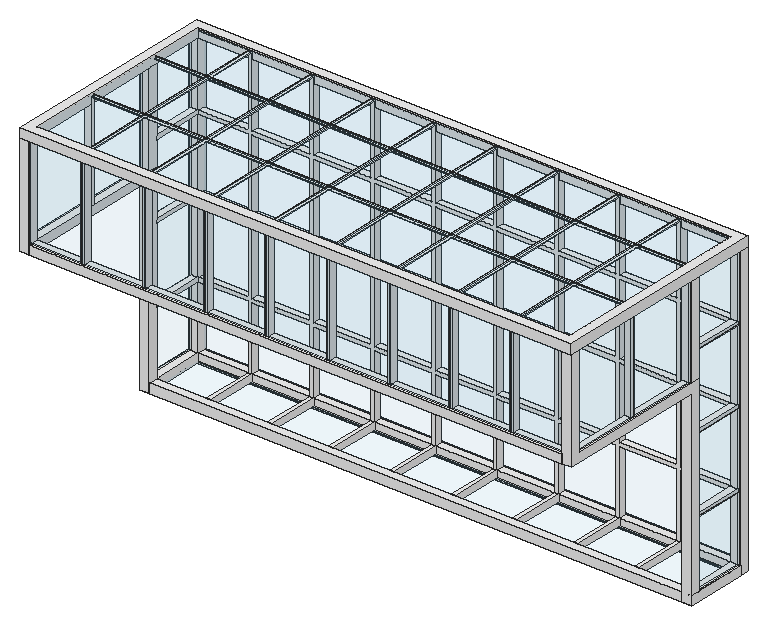
Revit family (continued)
Automatic sketch dimensions
  Extrusion 21 sketch curve to plane 22 = 0 mm
  Extrusion 21 sketch curve to plane 21 = 0 mm
  Extrusion 22 sketch curve to plane 21 = 0 mm
  Extrusion 22 sketch curve to plane 22 = 0 mm
  Extrusion 22 sketch curve to plane 16 = 0 mm
  plane 46 to Extrusion 22 sketch curve = 0.578 mm
  Extrusion 23 sketch curve to plane 9 = 0 mm
  Extrusion 23 sketch curve to plane 21 = 0 mm
  Extrusion 23 sketch curve to plane 20 = 0 mm
  Extrusion 23 sketch curve to plane 29 = 0.578 mm
  Extrusion 24 sketch curve to plane 9 = 0 mm
  Extrusion 24 sketch curve to plane 10 = 0 mm
  Extrusion 24 sketch curve to plane 21 = 0 mm
  Extrusion 24 sketch curve to plane 20 = 0 mm
  Extrusion 25 sketch curve to plane 10 = 0 mm
  Extrusion 25 sketch curve to plane 11 = 0 mm
  Extrusion 25 sketch curve to plane 21 = 0 mm
  Extrusion 25 sketch curve to plane 20 = 0 mm
  Extrusion 26 sketch curve to plane 11 = 0 mm
  Extrusion 26 sketch curve to plane 12 = 0 mm
  Extrusion 26 sketch curve to plane 21 = 0 mm
  Extrusion 26 sketch curve to plane 20 = 0 mm
  Extrusion 27 sketch curve to plane 12 = 0 mm
  Extrusion 27 sketch curve to plane 13 = 0 mm
  Extrusion 27 sketch curve to plane 21 = 0 mm
  Extrusion 27 sketch curve to plane 20 = 0 mm
  Extrusion 28 sketch curve to plane 13 = 0 mm
  Extrusion 28 sketch curve to plane 14 = 0 mm
  Extrusion 28 sketch curve to plane 21 = 0 mm
  Extrusion 28 sketch curve to plane 20 = 0 mm
  Extrusion 29 sketch curve to plane 14 = 0 mm
  Extrusion 29 sketch curve to plane 15 = 0 mm
  Extrusion 29 sketch curve to plane 21 = 0 mm
  Extrusion 29 sketch curve to plane 20 = 0 mm
  Extrusion 30 sketch curve to plane 15 = 0 mm
  Extrusion 30 sketch curve to plane 16 = 0 mm
  Extrusion 30 sketch curve to plane 21 = 0 mm
  Extrusion 30 sketch curve to plane 20 = 0 mm
  Extrusion 31 sketch curve to plane 20 = 0 mm
  Extrusion 31 sketch curve to plane 21 = 0 mm
  Extrusion 31 sketch curve to plane 16 = 0 mm
  plane 46 to Extrusion 31 sketch curve = 0.578 mm
  Extrusion 32 sketch curve to plane 16 = 0 mm
  Extrusion 32 sketch curve to plane 17 = 0 mm
  plane 46 to Extrusion 32 sketch curve = 0.578 mm
  plane 47 to Extrusion 32 sketch curve = 100 mm
  Extrusion 33 sketch curve to plane 15 = 0 mm
  Extrusion 33 sketch curve to plane 47 = 0 mm
  Extrusion 33 sketch curve to plane 16 = 0 mm
  Extrusion 33 sketch curve to plane 17 = 0 mm
  Extrusion 34 sketch curve to plane 14 = 0 mm
  Extrusion 34 sketch curve to plane 47 = 0 mm
  Extrusion 34 sketch curve to plane 15 = 0 mm
  Extrusion 34 sketch curve to plane 17 = 0 mm
  Extrusion 35 sketch curve to plane 13 = 0 mm
  Extrusion 35 sketch curve to plane 47 = 0 mm
  Extrusion 35 sketch curve to plane 14 = 0 mm
  Extrusion 35 sketch curve to plane 17 = 0 mm
  Extrusion 36 sketch curve to plane 12 = 0 mm
  Extrusion 36 sketch curve to plane 47 = 0 mm
  Extrusion 36 sketch curve to plane 13 = 0 mm
  Extrusion 36 sketch curve to plane 17 = 0 mm
  Extrusion 37 sketch curve to plane 11 = 0 mm
  Extrusion 37 sketch curve to plane 47 = 0 mm
  Extrusion 37 sketch curve to plane 12 = 0 mm
  Extrusion 37 sketch curve to plane 17 = 0 mm
  Extrusion 38 sketch curve to plane 10 = 0 mm
  Extrusion 38 sketch curve to plane 47 = 0 mm
  Extrusion 38 sketch curve to plane 11 = 0 mm
  Extrusion 38 sketch curve to plane 17 = 0 mm
  Extrusion 39 sketch curve to plane 9 = 0 mm
  Extrusion 39 sketch curve to plane 47 = 0 mm
  Extrusion 39 sketch curve to plane 10 = 0 mm
  Extrusion 39 sketch curve to plane 17 = 0 mm
  Extrusion 40 sketch curve to plane 47 = 0 mm
  Extrusion 40 sketch curve to plane 9 = 0 mm
  Extrusion 40 sketch curve to plane 17 = 0 mm
  Extrusion 40 sketch curve to plane 29 = 0.578 mm
  Extrusion 41 sketch curve to plane 15 = 0 mm
  Extrusion 41 sketch curve to plane 16 = 0 mm
  plane 48 to Extrusion 41 sketch curve = 1.156 mm
  plane 19 to Extrusion 41 sketch curve = 1.156 mm
  Extrusion 42 sketch curve to plane 14 = 0 mm
  Extrusion 42 sketch curve to plane 15 = 0 mm
  plane 48 to Extrusion 42 sketch curve = 1.156 mm
  plane 19 to Extrusion 42 sketch curve = 1.156 mm
  Extrusion 43 sketch curve to plane 13 = 0 mm
  Extrusion 43 sketch curve to plane 14 = 0 mm
  plane 48 to Extrusion 43 sketch curve = 1.156 mm
  plane 19 to Extrusion 43 sketch curve = 1.156 mm
  Extrusion 44 sketch curve to plane 12 = 0 mm
  Extrusion 44 sketch curve to plane 13 = 0 mm
  plane 48 to Extrusion 44 sketch curve = 1.156 mm
  plane 19 to Extrusion 44 sketch curve = 1.156 mm
  Extrusion 45 sketch curve to plane 11 = 0 mm
  Extrusion 45 sketch curve to plane 12 = 0 mm
  plane 48 to Extrusion 45 sketch curve = 1.156 mm
  plane 19 to Extrusion 45 sketch curve = 1.156 mm
  Extrusion 46 sketch curve to plane 10 = 0 mm
  Extrusion 46 sketch curve to plane 11 = 0 mm
  plane 48 to Extrusion 46 sketch curve = 1.156 mm
  plane 19 to Extrusion 46 sketch curve = 1.156 mm
  Extrusion 47 sketch curve to plane 9 = 0 mm
  Extrusion 47 sketch curve to plane 10 = 0 mm
  plane 48 to Extrusion 47 sketch curve = 1.156 mm
  plane 19 to Extrusion 47 sketch curve = 1.156 mm
  Extrusion 48 sketch curve to plane 9 = 0 mm
  Extrusion 48 sketch curve to plane 29 = 0.578 mm
  plane 48 to Extrusion 48 sketch curve = 1.156 mm
  plane 19 to Extrusion 48 sketch curve = 1.156 mm
  Extrusion 49 sketch curve to plane 16 = 0 mm
  Extrusion 49 sketch curve to plane 48 = 0 mm
  Extrusion 49 sketch curve to plane 19 = 0 mm
  plane 46 to Extrusion 49 sketch curve = 0.578 mm
  Extrusion 50 sketch curve to plane 15 = 0 mm
  Extrusion 50 sketch curve to plane 16 = 0 mm
  Extrusion 50 sketch curve to plane 18 = 0 mm
  plane 19 to Extrusion 50 sketch curve = 2.312 mm
  Extrusion 51 sketch curve to plane 14 = 0 mm
  Extrusion 51 sketch curve to plane 15 = 0 mm
  Extrusion 51 sketch curve to plane 18 = 0 mm
  plane 19 to Extrusion 51 sketch curve = 2.312 mm
  Extrusion 52 sketch curve to plane 13 = 0 mm
  Extrusion 52 sketch curve to plane 14 = 0 mm
  Extrusion 52 sketch curve to plane 18 = 0 mm
  plane 19 to Extrusion 52 sketch curve = 2.312 mm
  Extrusion 53 sketch curve to plane 12 = 0 mm
  Extrusion 53 sketch curve to plane 13 = 0 mm
  Extrusion 53 sketch curve to plane 18 = 0 mm
  plane 19 to Extrusion 53 sketch curve = 2.312 mm
  Extrusion 54 sketch curve to plane 11 = 0 mm
  Extrusion 54 sketch curve to plane 12 = 0 mm
  Extrusion 54 sketch curve to plane 18 = 0 mm
  plane 19 to Extrusion 54 sketch curve = 2.312 mm
  Extrusion 55 sketch curve to plane 10 = 0 mm
  Extrusion 55 sketch curve to plane 11 = 0 mm
  Extrusion 55 sketch curve to plane 18 = 0 mm
  plane 19 to Extrusion 55 sketch curve = 2.312 mm
  Extrusion 56 sketch curve to plane 9 = 0 mm
  Extrusion 56 sketch curve to plane 10 = 0 mm
  Extrusion 56 sketch curve to plane 18 = 0 mm
  plane 19 to Extrusion 56 sketch curve = 2.312 mm
  Extrusion 57 sketch curve to plane 9 = 0 mm
  Extrusion 57 sketch curve to plane 18 = 0 mm
  plane 19 to Extrusion 57 sketch curve = 2.312 mm
  Extrusion 57 sketch curve to plane 29 = 0.578 mm
  Extrusion 58 sketch curve to plane 16 = 0 mm
  Extrusion 58 sketch curve to plane 18 = 0 mm
  plane 19 to Extrusion 58 sketch curve = 1.156 mm
  plane 46 to Extrusion 58 sketch curve = 0.578 mm
  Extrusion 59 sketch curve to plane 15 = 0 mm
  Extrusion 59 sketch curve to plane 16 = 0 mm
  plane 18 to Extrusion 59 sketch curve = 1.156 mm
  Extrusion 59 sketch curve to plane 17 = 1.156 mm
  Extrusion 60 sketch curve to plane 14 = 0 mm
  Extrusion 60 sketch curve to plane 15 = 0 mm
  plane 18 to Extrusion 60 sketch curve = 1.156 mm
  Extrusion 60 sketch curve to plane 17 = 1.156 mm
  Extrusion 61 sketch curve to plane 13 = 0 mm
  Extrusion 61 sketch curve to plane 14 = 0 mm
  plane 18 to Extrusion 61 sketch curve = 1.156 mm
  Extrusion 61 sketch curve to plane 17 = 1.156 mm
  Extrusion 62 sketch curve to plane 12 = 0 mm
  Extrusion 62 sketch curve to plane 13 = 0 mm
  plane 18 to Extrusion 62 sketch curve = 1.156 mm
  Extrusion 62 sketch curve to plane 17 = 1.156 mm
  Extrusion 63 sketch curve to plane 11 = 0 mm
  Extrusion 63 sketch curve to plane 12 = 0 mm
  plane 18 to Extrusion 63 sketch curve = 1.156 mm
  Extrusion 63 sketch curve to plane 17 = 1.156 mm
  Extrusion 64 sketch curve to plane 10 = 0 mm
  Extrusion 64 sketch curve to plane 11 = 0 mm
  plane 18 to Extrusion 64 sketch curve = 1.156 mm
  Extrusion 64 sketch curve to plane 17 = 1.156 mm
  Extrusion 65 sketch curve to plane 9 = 0 mm
  Extrusion 65 sketch curve to plane 10 = 0 mm
  plane 18 to Extrusion 65 sketch curve = 1.156 mm
  Extrusion 65 sketch curve to plane 17 = 1.156 mm
  Extrusion 66 sketch curve to plane 9 = 0 mm
  plane 18 to Extrusion 66 sketch curve = 1.156 mm
  Extrusion 66 sketch curve to plane 17 = 1.156 mm
  Extrusion 66 sketch curve to plane 29 = 0.578 mm
  Extrusion 67 sketch curve to plane 16 = 0 mm
  Extrusion 67 sketch curve to plane 18 = 0 mm
  Extrusion 67 sketch curve to plane 17 = 1.156 mm
  plane 46 to Extrusion 67 sketch curve = 0.578 mm
  Sweep 68 sketch curve to plane 6 = 0 mm
  Sweep 68 sketch curve to plane 2 = 0 mm
  plane 25 to Sweep 68 sketch curve = 90 mm
  Sweep 68 sketch curve to plane 23 = 0.578 mm
  plane 47 to Sweep 68 sketch curve = 100 mm
  Sweep 69 sketch curve to plane 6 = 0 mm
  Sweep 69 sketch curve to plane 2 = 0 mm
  plane 25 to Sweep 69 sketch curve = 90 mm
  Sweep 69 sketch curve to plane 23 = 0.578 mm
  plane 47 to Sweep 69 sketch curve = 100 mm
  Sweep 69 sketch curve to profile plane = 0 mm
  profile plane to Sweep 69 sketch curve = 150 mm
  Extrusion 70 sketch curve to plane 6 = 0 mm
  Extrusion 70 sketch curve to plane 22 = 0 mm
  Extrusion 70 sketch curve to level = 0 mm
  level to Extrusion 70 sketch curve = 150 mm
  Extrusion 71 sketch curve to plane 24 = 0 mm  (x3)
  Extrusion 71 sketch curve to plane 23 = 0 mm  (x3)
  Extrusion 71 sketch curve to plane 54 = 0 mm
  Extrusion 71 sketch curve to plane 52 = 0 mm
  Extrusion 71 sketch curve to plane 50 = 0 mm
  plane 53 to Extrusion 71 sketch curve = 0.578 mm
  plane 51 to Extrusion 71 sketch curve = 0.578 mm
  plane 49 to Extrusion 71 sketch curve = 0.578 mm
  Extrusion 72 sketch curve to plane 26 = 0 mm
  Extrusion 72 sketch curve to plane 27 = 0 mm
  Extrusion 72 sketch curve to plane 47 = 0 mm
  level to Extrusion 72 sketch curve = 150 mm
  Extrusion 73 sketch curve to plane 21 = 0 mm
  Extrusion 73 sketch curve to plane 22 = 0 mm
  level to Extrusion 73 sketch curve = 150 mm
  plane 47 to Extrusion 73 sketch curve = 100 mm
  plane 20 to Extrusion 74 sketch curve = 120 mm
  Extrusion 74 sketch curve to plane 21 = 0 mm
  level to Extrusion 74 sketch curve = 150 mm
  plane 47 to Extrusion 74 sketch curve = 100 mm
  Extrusion 75 sketch curve to plane 17 = 0 mm
  Extrusion 75 sketch curve to plane 23 = 0 mm
  Extrusion 75 sketch curve to plane 47 = 0 mm
  Extrusion 75 sketch curve to plane 20 = 0 mm
  Extrusion 76 sketch curve to plane 24 = 0 mm
  Extrusion 76 sketch curve to plane 23 = 0 mm
  Extrusion 76 sketch curve to plane 17 = 0 mm
  Extrusion 76 sketch curve to plane 18 = 0.289 mm
  Extrusion 77 sketch curve to plane 24 = 0 mm
  Extrusion 77 sketch curve to plane 23 = 0 mm
  Extrusion 77 sketch curve to plane 19 = 0.578 mm
  Extrusion 77 sketch curve to plane 18 = 0.289 mm
  Extrusion 78 sketch curve to plane 24 = 0 mm
  Extrusion 78 sketch curve to plane 48 = 0 mm
  Extrusion 78 sketch curve to plane 23 = 0 mm
  Extrusion 78 sketch curve to plane 19 = 0.578 mm
  Extrusion 79 sketch curve to plane 24 = 0 mm  (x3)
  Extrusion 79 sketch curve to plane 23 = 0 mm  (x3)
  Extrusion 79 sketch curve to plane 50 = 0 mm
  Extrusion 79 sketch curve to plane 52 = 0 mm
  Extrusion 79 sketch curve to plane 54 = 0 mm
  plane 49 to Extrusion 79 sketch curve = 0.578 mm
  plane 51 to Extrusion 79 sketch curve = 0.578 mm
  plane 53 to Extrusion 79 sketch curve = 0.578 mm
  Extrusion 80 sketch curve to plane 26 = 0 mm
  Extrusion 80 sketch curve to plane 27 = 0 mm
  Extrusion 80 sketch curve to plane 47 = 0 mm
  level to Extrusion 80 sketch curve = 150 mm
  Extrusion 81 sketch curve to plane 21 = 0 mm
  Extrusion 81 sketch curve to plane 22 = 0 mm
  plane 47 to Extrusion 81 sketch curve = 100 mm
  Extrusion 81 sketch curve to plane 49 = 455 mm
  plane 20 to Extrusion 82 sketch curve = 120 mm
  Extrusion 82 sketch curve to plane 21 = 0 mm
  plane 47 to Extrusion 82 sketch curve = 100 mm
  Extrusion 82 sketch curve to plane 49 = 455 mm
  Extrusion 83 sketch curve to plane 17 = 0 mm
  Extrusion 83 sketch curve to plane 23 = 0 mm
  Extrusion 83 sketch curve to plane 47 = 0 mm
  Extrusion 83 sketch curve to plane 24 = 0 mm
  Extrusion 84 sketch curve to plane 24 = 0 mm
  Extrusion 84 sketch curve to plane 23 = 0 mm
  Extrusion 84 sketch curve to plane 17 = 0 mm
  Extrusion 84 sketch curve to plane 18 = 0.289 mm
  Extrusion 85 sketch curve to plane 24 = 0 mm
  Extrusion 85 sketch curve to plane 23 = 0 mm
  Extrusion 85 sketch curve to plane 19 = 0.578 mm
  Extrusion 85 sketch curve to plane 18 = 0.289 mm
  Extrusion 86 sketch curve to plane 24 = 0 mm
  Extrusion 86 sketch curve to plane 48 = 0 mm
  Extrusion 86 sketch curve to plane 23 = 0 mm
  Extrusion 86 sketch curve to plane 19 = 0.578 mm
  Extrusion 87 sketch curve to plane 30 = 0 mm
  Extrusion 87 sketch curve to plane 31 = 0 mm
  Extrusion 87 sketch curve to plane 32 = 0 mm
  Extrusion 87 sketch curve to plane 33 = 0 mm
  Extrusion 87 sketch curve to plane 34 = 0 mm
  Extrusion 87 sketch curve to plane 35 = 0 mm
  Extrusion 87 sketch curve to plane 36 = 0 mm
  Extrusion 87 sketch curve to plane 37 = 0 mm
  Extrusion 87 sketch curve to plane 38 = 0 mm
  Extrusion 87 sketch curve to plane 39 = 0 mm
  Extrusion 87 sketch curve to plane 40 = 0 mm
  Extrusion 87 sketch curve to plane 41 = 0 mm
  Extrusion 87 sketch curve to plane 43 = 0 mm
  Extrusion 87 sketch curve to plane 42 = 0 mm
  Extrusion 87 sketch curve to plane 45 = 0 mm
  Extrusion 87 sketch curve to plane 44 = 0 mm
  Extrusion 87 sketch curve to plane 47 = 0 mm  (x2)
  level to Extrusion 87 sketch curve = 150 mm  (x8)
  Extrusion 87 sketch curve to plane 47 = 1.156 mm  (x6)
  Extrusion 88 sketch curve to plane 9 = 0 mm
  plane 29 to Extrusion 88 sketch curve = 0 mm
  level to Extrusion 88 sketch curve = 150 mm
  plane 47 to Extrusion 88 sketch curve = 100 mm
  Extrusion 89 sketch curve to plane 9 = 0 mm
  Extrusion 89 sketch curve to plane 10 = 0 mm
  level to Extrusion 89 sketch curve = 150 mm
  plane 47 to Extrusion 89 sketch curve = 100 mm
  Extrusion 90 sketch curve to plane 10 = 0 mm
  Extrusion 90 sketch curve to plane 11 = 0 mm
  level to Extrusion 90 sketch curve = 150 mm
  plane 47 to Extrusion 90 sketch curve = 100 mm
  Extrusion 91 sketch curve to plane 11 = 0 mm
  Extrusion 91 sketch curve to plane 12 = 0 mm
  level to Extrusion 91 sketch curve = 150 mm
  plane 47 to Extrusion 91 sketch curve = 100 mm
  Extrusion 92 sketch curve to plane 12 = 0 mm
  Extrusion 92 sketch curve to plane 13 = 0 mm
  level to Extrusion 92 sketch curve = 150 mm
  plane 47 to Extrusion 92 sketch curve = 100 mm
  Extrusion 93 sketch curve to plane 13 = 0 mm
  Extrusion 93 sketch curve to plane 14 = 0 mm
  level to Extrusion 93 sketch curve = 150 mm
  plane 47 to Extrusion 93 sketch curve = 100 mm
  Extrusion 94 sketch curve to plane 14 = 0 mm
  Extrusion 94 sketch curve to plane 15 = 0 mm
  level to Extrusion 94 sketch curve = 150 mm
  plane 47 to Extrusion 94 sketch curve = 100 mm
  Extrusion 95 sketch curve to plane 15 = 0 mm
  Extrusion 95 sketch curve to plane 16 = 0 mm
  level to Extrusion 95 sketch curve = 150 mm
  plane 47 to Extrusion 95 sketch curve = 100 mm
  Extrusion 96 sketch curve to plane 16 = 0 mm
  plane 46 to Extrusion 96 sketch curve = 0.578 mm
  plane 47 to Extrusion 96 sketch curve = 100 mm
  level to Extrusion 96 sketch curve = 150 mm
  curve 3 to plane 2 = 0 mm
  curve 1 to plane 8 = 0 mm
  curve 4 to plane 5 = 0 mm
  curve 1 to plane 5 = 294.422 mm
  curve 9 to plane 5 = 5 mm
  plane 5 to curve 11 = 5 mm
  curve 6 to plane 4 = 4.422 mm
  plane 4 to curve 2 = 0.578 mm
  plane 4 to curve 12 = 5.578 mm
  curve 5 to curve 3 = 344.422 mm
  curve 2 to plane 2 = 280 mm
  curve 8 to plane 2 = 5 mm
  plane 2 to curve 7 = 5 mm
  curve 6 to plane 8 = 5 mm
  plane 8 to curve 5 = 5 mm
  curve 5 to curve 2 = 285 mm
  curve 9 to curve 4 = 295 mm
  Extrusion 97 sketch curve to plane 23 = 0 mm  (x2)
  Extrusion 97 sketch curve to plane 24 = 0 mm
  Extrusion 97 sketch curve to plane 46 = 0 mm
  Extrusion 97 sketch curve to plane 29 = 0.578 mm
  Extrusion 97 sketch curve to plane 5 = 0.578 mm
  plane 4 to Extrusion 97 sketch curve = 0.578 mm
  plane 25 to Extrusion 97 sketch curve = 90 mm
  Extrusion 98 sketch curve to plane 24 = 0 mm  (x8)
  Extrusion 98 sketch curve to plane 30 = 0 mm
  Extrusion 98 sketch curve to plane 31 = 0 mm
  Extrusion 98 sketch curve to plane 23 = 0 mm  (x8)
  Extrusion 98 sketch curve to plane 32 = 0 mm
  Extrusion 98 sketch curve to plane 33 = 0 mm
  Extrusion 98 sketch curve to plane 34 = 0 mm
  Extrusion 98 sketch curve to plane 35 = 0 mm
  Extrusion 98 sketch curve to plane 36 = 0 mm
  Extrusion 98 sketch curve to plane 37 = 0 mm
  Extrusion 98 sketch curve to plane 38 = 0 mm
  Extrusion 98 sketch curve to plane 39 = 0 mm
  Extrusion 98 sketch curve to plane 40 = 0 mm
  Extrusion 98 sketch curve to plane 41 = 0 mm
  Extrusion 98 sketch curve to plane 43 = 0 mm
  Extrusion 98 sketch curve to plane 42 = 0 mm
  Extrusion 98 sketch curve to plane 45 = 0 mm
  Extrusion 98 sketch curve to plane 44 = 0 mm
  Extrusion 99 sketch curve to plane 23 = 0 mm
  Extrusion 99 sketch curve to plane 29 = 0.578 mm
  Extrusion 99 sketch curve to plane 9 = 0 mm
  Extrusion 99 sketch curve to plane 24 = 0 mm
  Extrusion 107 sketch curve to plane 23 = 0 mm
  Extrusion 107 sketch curve to plane 46 = 0 mm
  Extrusion 107 sketch curve to plane 16 = 0 mm
  Extrusion 107 sketch curve to plane 24 = 0 mm
  Extrusion 108 sketch curve to plane 24 = 0 mm
  plane 25 to Extrusion 108 sketch curve = 90 mm
  level to Extrusion 108 sketch curve = 150 mm
  plane 47 to Extrusion 108 sketch curve = 100 mm
  Extrusion 109 sketch curve to plane 24 = 0 mm
  plane 25 to Extrusion 109 sketch curve = 90 mm
  level to Extrusion 109 sketch curve = 150 mm
  plane 47 to Extrusion 109 sketch curve = 100 mm
  Extrusion 106 sketch curve to plane 15 = 0 mm
  Extrusion 106 sketch curve to plane 23 = 0 mm
  Extrusion 105 sketch curve to plane 14 = 0 mm
  Extrusion 105 sketch curve to plane 23 = 0 mm
  Extrusion 104 sketch curve to plane 13 = 0 mm
  Extrusion 104 sketch curve to plane 23 = 0 mm
  Extrusion 103 sketch curve to plane 12 = 0 mm
  Extrusion 103 sketch curve to plane 23 = 0 mm
  Extrusion 102 sketch curve to plane 11 = 0 mm
  Extrusion 102 sketch curve to plane 23 = 0 mm
  Extrusion 101 sketch curve to plane 10 = 0 mm
  Extrusion 101 sketch curve to plane 23 = 0 mm
  Extrusion 100 sketch curve to plane 9 = 0 mm
  Extrusion 100 sketch curve to plane 23 = 0 mm
